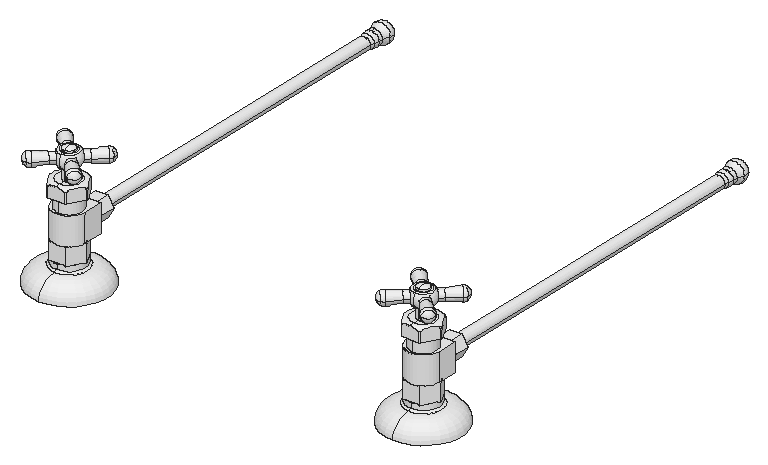
Revit family "Supply_Kit-Faucet-Waterworks-Universal-Angle-Compression", category Plumbing Fixtures, host Face, Revit 2014 (continued)
Automatic sketch dimensions
  Revolve 1 sketch curve to Revolve 1 sketch curve = 1' - 8 3/16"
  Revolve 2 sketch curve to level = 0' - 0"
  Revolve 2 sketch curve to plane 1 "Center (Front/Back)" = 0' - 0"  (x2)
  Revolve 2 sketch curve to Revolve 2 sketch curve = 0' - 0 5/8"
  Revolve 2 sketch curve to Revolve 2 sketch curve = 2' - 0"
  Revolve 2 sketch curve to Revolve 2 sketch curve = 1' - 8 3/16"
  plane 1 "Center (Front/Back)" to Extrusion 3 sketch curve = 0' - 0"  (x2)
  Extrusion 3 sketch curve to plane 4 "Left" = 0' - 0.54127"
  Extrusion 3 sketch curve to plane 4 "Left" = 0' - 0.27063"
  plane 4 "Left" to Extrusion 3 sketch curve = 0' - 0.27063"
  plane 1 "Center (Front/Back)" to Extrusion 4 sketch curve = 0' - 0"  (x2)
  Extrusion 4 sketch curve to plane 4 "Left" = 0' - 0 1/2"
  Revolve 5 sketch curve to plane 1 "Center (Front/Back)" = 0' - 0"  (x2)
  Revolve 5 sketch curve to Revolve 5 sketch curve = 0' - 0 5/16"
  Revolve 5 sketch curve to level = 2' - 0"
  Revolve 5 sketch curve to plane 8 = 1' - 8.49314"
  plane 1 "Center (Front/Back)" to Extrusion 6 sketch curve = 0' - 0"  (x2)
  Extrusion 6 sketch curve to plane 4 "Left" = 0' - 1.07735"
  Extrusion 6 sketch curve to plane 4 "Left" = 0' - 0.57735"
  Extrusion 6 sketch curve to plane 4 "Left" = 0' - 0.28868"  (x2)
  plane 4 "Left" to Extrusion 6 sketch curve = 0' - 0.28868"
  plane 1 "Center (Front/Back)" to Extrusion 6 sketch curve = 0' - 0 1/2"
  Extrusion 6 sketch curve to Extrusion 6 sketch curve = 0' - 0 1/2"
  plane 1 "Center (Front/Back)" to Extrusion 7 sketch curve = 0' - 0"  (x2)
  Extrusion 7 sketch curve to plane 5 "Right" = 0' - 0.54127"
  Extrusion 7 sketch curve to plane 5 "Right" = 0' - 0.27063"  (x2)
  plane 5 "Right" to Extrusion 7 sketch curve = 0' - 0.27063"
  plane 1 "Center (Front/Back)" to Extrusion 7 sketch curve = 0' - 0 15/32"
  plane 1 "Center (Front/Back)" to Extrusion 8 sketch curve = 0' - 0"  (x2)
  Revolve 9 sketch curve to plane 1 "Center (Front/Back)" = 0' - 0"  (x2)
  Revolve 9 sketch curve to level = 2' - 0"
  Revolve 9 sketch curve to plane 8 = 1' - 8.49314"
  plane 1 "Center (Front/Back)" to Extrusion 10 sketch curve = 0' - 0"  (x2)
  Extrusion 10 sketch curve to plane 5 "Right" = 0' - 1.07735"
  Extrusion 10 sketch curve to plane 5 "Right" = 0' - 0.57735"
  Extrusion 10 sketch curve to plane 5 "Right" = 0' - 0.28868"  (x2)
  plane 5 "Right" to Extrusion 10 sketch curve = 0' - 0.28868"
  plane 1 "Center (Front/Back)" to Extrusion 10 sketch curve = 0' - 0 1/2"
  Extrusion 10 sketch curve to Extrusion 10 sketch curve = 0' - 0 1/2"
  plane 10 "Bottom" to Revolve 11 sketch curve = 0' - 0.93382"
  Revolve 11 sketch curve to Revolve 11 sketch curve = 0' - 0"  (x3)
  Revolve 11 sketch curve to Revolve 11 sketch curve = 0' - 0.06481"
  Revolve 12 sketch curve to plane 1 "Center (Front/Back)" = 0' - 2.12132"
  Revolve 12 sketch curve to Revolve 12 sketch curve = 0' - 0"  (x3)
  Revolve 12 sketch curve to Revolve 12 sketch curve = 0' - 0.09456"
  Revolve 11 sketch curve to plane 1 "Center (Front/Back)" = 0' - 2.12132"
  plane 10 "Bottom" to Revolve 12 sketch curve = 0' - 0.93382"
  Revolve 11 sketch curve to Revolve 11 sketch curve = 0' - 0.19938"  (x2)
  plane 1 "Center (Front/Back)" to Revolve 11 sketch curve = 0' - 0.81759"
  Revolve 12 sketch curve to Revolve 12 sketch curve = 0' - 0.19938"  (x2)
  plane 5 "Right" to Revolve 13 sketch curve = 0' - 0.25063"
  Revolve 13 sketch curve to Revolve 13 sketch curve = 0' - 0.19938"  (x2)
  Revolve 13 sketch curve to plane 1 "Center (Front/Back)" = 0' - 0.25063"
  plane 10 "Bottom" to Revolve 13 sketch curve = 0' - 0.93382"
  Revolve 13 sketch curve to Revolve 13 sketch curve = 0' - 0"  (x2)
  Revolve 13 sketch curve to plane 1 "Center (Front/Back)" = 0' - 2.12132"
  Revolve 14 sketch curve to plane 1 "Center (Front/Back)" = 0' - 0.82125"
  Revolve 14 sketch curve to Revolve 14 sketch curve = 0' - 0.19938"  (x2)
  Revolve 14 sketch curve to plane 1 "Center (Front/Back)" = 0' - 2.12132"
  Revolve 14 sketch curve to Revolve 14 sketch curve = 0' - 0"  (x2)
  plane 10 "Bottom" to Revolve 14 sketch curve = 0' - 0.93382"
  Revolve 13 sketch curve to Revolve 13 sketch curve = 0' - 0.09797"
  plane 10 "Bottom" to Revolve 15 sketch curve = 0' - 10 13/16"
  Revolve 15 sketch curve to Revolve 15 sketch curve = 1' - 0"
  Extrusion 16 sketch curve to plane 7 = 0' - 0"  (x2)
  Extrusion 16 sketch curve to plane 4 "Left" = 0' - 0.36084"
  Extrusion 16 sketch curve to plane 4 "Left" = 0' - 0.18042"  (x2)
  plane 4 "Left" to Extrusion 16 sketch curve = 0' - 0.18042"
  Extrusion 16 sketch curve to plane 7 = 0' - 0 5/16"
  plane 10 "Bottom" to Revolve 17 sketch curve = 0' - 10 13/16"
  Revolve 17 sketch curve to Revolve 17 sketch curve = 1' - 0"
  Extrusion 18 sketch curve to plane 7 = 0' - 0"  (x2)
  Extrusion 18 sketch curve to plane 5 "Right" = 0' - 0.18042"
  plane 5 "Right" to Extrusion 18 sketch curve = 0' - 0.18042"  (x2)
  Extrusion 18 sketch curve to Extrusion 18 sketch curve = 0' - 0.18042"
  Extrusion 18 sketch curve to plane 7 = 0' - 0 5/16"
  Masking region 1 sketch curve to Masking region 1 sketch curve = 0' - 0"
  Masking region 2 sketch curve to Masking region 2 sketch curve = 0' - 0.07267"  (x4)
  Masking region 2 sketch curve to Masking region 2 sketch curve = 0' - 0"
  Masking region 3 sketch curve to Masking region 3 sketch curve = 0' - 0.07992"
  Masking region 3 sketch curve to Masking region 3 sketch curve = 0' - 0.07267"  (x4)
  Masking region 3 sketch curve to Masking region 3 sketch curve = 0' - 0.06543"
  curve 33 to plane 7 = 0' - 0"
  curve 49 to plane 4 "Left" = 0' - 0"
  curve 36 to plane 4 "Left" = 0' - 0"
  curve 35 to plane 7 = 0' - 0"
  curve 4 to plane 7 = 0' - 0"
  curve 20 to plane 5 "Right" = 0' - 0"
  curve 7 to plane 5 "Right" = 0' - 0"
  curve 2 to plane 7 = 0' - 0"
  curve 7 to plane 7 = 0' - 0"
  curve 36 to plane 7 = 0' - 0"
  curve 34 to plane 4 "Left" = 0' - 0.18042"
  curve 32 to plane 4 "Left" = 0' - 0.18042"
  curve 46 to plane 4 "Left" = 0' - 0.25769"
  curve 47 to curve 46 = 0' - 0.04647"
  curve 32 to curve 31 = 0' - 0.18042"
  plane 4 "Left" to curve 30 = 0' - 0.18042"
  plane 4 "Left" to curve 34 = 0' - 0.18042"
  curve 49 to curve 44 = 0' - 0.04647"
  curve 34 to curve 35 = 0' - 0.18042"
  curve 4 to curve 7 = 0' - 0.36084"
  curve 18 to curve 20 = 0' - 0.30417"
  curve 18 to curve 17 = 0' - 0.04647"
  curve 3 to plane 5 "Right" = 0' - 0.18042"
  curve 5 to plane 5 "Right" = 0' - 0.18042"
  plane 5 "Right" to curve 2 = 0' - 0.18042"
  plane 5 "Right" to curve 6 = 0' - 0.18042"
  curve 20 to curve 15 = 0' - 0.04647"
  curve 1 to curve 2 = 0' - 0.18042"
  curve 32 to plane 7 = 0' - 0 5/16"
  curve 2 to plane 7 = 0' - 0 5/16"
  plane 7 to curve 34 = 0' - 0 5/16"
  plane 7 to curve 5 = 0' - 0 5/16"
  plane 8 to curve 46 = 0' - 0.69436"
  curve 47 to curve 46 = 0' - 0"
  plane 8 to curve 18 = 0' - 0.69436"
  curve 17 to curve 18 = 0' - 0"
  curve 15 to curve 20 = 0' - 0"
  curve 44 to curve 49 = 0' - 0"
  curve 49 to curve 51 = 0' - 0.07019"
  curve 53 to plane 9 "Front" = 0' - 0.08689"
  curve 53 to plane 4 "Left" = 0' - 0 3/16"
  curve 54 to curve 53 = 0' - 0"  (x2)
  curve 52 to plane 4 "Left" = 0' - 0 3/16"
  curve 58 to curve 52 = 0' - 0.08284"
  curve 57 to curve 53 = 0' - 0.08284"
  curve 40 to plane 4 "Left" = 0' - 0.27063"
  curve 57 to curve 57 = 0' - 0 1/16"
  curve 58 to curve 58 = 0' - 0 1/16"
  curve 42 to curve 33 = 0' - 0.22583"
  curve 43 to curve 47 = 0' - 0.10208"
  curve 50 to curve 47 = 0' - 0.12885"
  curve 37 to curve 40 = 0' - 0.22937"
  curve 38 to curve 40 = 0' - 0.22937"
  curve 41 to curve 38 = 0' - 0 1/16"
  curve 54 to plane 9 "Front" = 0' - 0.05564"
  plane 4 "Left" to curve 54 = 0' - 0 3/16"
  curve 51 to curve 45 = 0' - 0.07019"
  plane 4 "Left" to curve 52 = 0' - 0 3/16"
  curve 53 to curve 55 = 0' - 0.08284"
  curve 52 to curve 56 = 0' - 0.08284"
  curve 30 to curve 39 = 0' - 0.09021"
  curve 55 to curve 55 = 0' - 0 1/16"
  curve 56 to curve 56 = 0' - 0 1/16"
  curve 34 to curve 42 = 0' - 0.22583"
  curve 44 to curve 43 = 0' - 0.10208"
  curve 44 to curve 48 = 0' - 0.12917"
  curve 39 to curve 37 = 0' - 0.22937"
  curve 39 to curve 38 = 0' - 0.22937"
  curve 38 to curve 41 = 0' - 0 1/16"
  curve 10 to plane 5 "Right" = 0' - 0 9/16"
  curve 21 to curve 21 = 0' - 0.25769"
  curve 10 to curve 8 = 0' - 0 1/16"
  curve 9 to curve 3 = 0' - 0.31958"
  curve 13 to curve 5 = 0' - 0.22583"
  curve 14 to curve 18 = 0' - 0.10208"
  plane 8 to curve 27 = 0' - 0 5/32"
  curve 27 to plane 5 "Right" = 0' - 0.33284"
  curve 26 to plane 9 "Front" = 0' - 0.14939"
  curve 26 to curve 27 = 0' - 0"
  curve 8 to curve 12 = 0' - 0.22937"
  curve 27 to curve 27 = 0' - 0 1/16"
  curve 26 to curve 26 = 0' - 0 1/16"
  curve 20 to curve 22 = 0' - 0.07019"
  curve 27 to curve 23 = 0' - 0.08284"
  curve 26 to curve 28 = 0' - 0.08284"
  curve 29 to curve 28 = 0' - 0"  (x2)
  plane 5 "Right" to curve 23 = 0' - 0 3/16"
  curve 22 to curve 16 = 0' - 0.07019"
  curve 28 to plane 9 "Front" = 0' - 0.08689"
  plane 5 "Right" to curve 28 = 0' - 0 3/16"
  curve 28 to curve 25 = 0' - 0.08284"
  curve 23 to curve 24 = 0' - 0.08284"
  plane 5 "Right" to curve 11 = 0' - 0.27063"
  curve 25 to curve 25 = 0' - 0 1/16"
  curve 24 to curve 24 = 0' - 0 1/16"
  curve 15 to curve 14 = 0' - 0.10208"
  curve 1 to curve 13 = 0' - 0.22583"
  curve 19 to curve 19 = 0' - 0.12917"
  curve 11 to curve 9 = 0' - 0.22937"
  curve 11 to curve 8 = 0' - 0.22937"
  curve 8 to curve 10 = 0' - 0 1/16"
  curve 39 to curve 30 = 0' - 0 1/32"
  curve 9 to curve 3 = 0' - 0 1/32"
  curve 38 to curve 37 = 0' - 0 17/32"
  curve 8 to curve 9 = 0' - 0 17/32"
  curve 10 to curve 8 = 0' - 0 7/32"
  curve 41 to curve 38 = 0' - 0 7/32"
  curve 5 to curve 13 = 0' - 0 3/16"
  curve 33 to curve 42 = 0' - 0 3/16"
  curve 43 to curve 48 = 0' - 0 5/16"
  curve 14 to curve 19 = 0' - 0 5/16"
  curve 45 to curve 51 = 0' - 0 3/32"
  curve 20 to curve 22 = 0' - 0 3/32"
  curve 23 to curve 27 = 0' - 0 1/16"
  plane 8 to curve 52 = 0' - 0 7/32"
  curve 52 to curve 58 = 0' - 0 1/16"
  curve 23 to curve 24 = 0' - 0 1/16"
  curve 52 to curve 56 = 0' - 0 1/16"
  curve 25 to plane 9 "Front" = 0' - 0.14939"
  curve 57 to curve 53 = 0' - 0 1/16"
  curve 55 to curve 53 = 0' - 0 1/16"
  curve 28 to curve 29 = 0' - 0 1/32"
  Masking region 1 sketch curve to Masking region 1 sketch curve = 0' - 0.06956"  (x2)
  Masking region 1 sketch curve to Masking region 1 sketch curve = 0' - 0 5/8"  (x2)
  Masking region 4 sketch curve to Masking region 4 sketch curve = 0' - 0 7/16"
  Masking region 4 sketch curve to Masking region 4 sketch curve = 0' - 0 5/8"
  radius of curve 7 = 0' - 0.23917"
  radius of curve 36 = 0' - 0.23917"
Connectors (in)
  piping at (5.5, 0, 0), diameter 0.5, driven by "Cold Water Inlet Connection", driven by "Inlet Connection Diameter"
    settings: on cut or joined group of Revolve 2, Extrusion 7, Extrusion 8, Revolve 9, Extrusion 10, Revolve 17, Extrusion 18, index 1, connector inside diameter 24", connector length 0' - 0", flow factor 0, pipe flow 0 GPM, pressure drop 0.00 psi, fitting loss kfactor 0, connector angle 0.00°, fixture units 0, engagement length 0' - 0", angle of deflection 0.00°, flow configuration 0, flow direction 1, fitting loss method 0, system type 20, joint type 0, gender type 0, connector reference index 3, connector utility 0, adjustable connector no, is connector primary yes, connector description "Inlet - Compression"
  piping at (-5.5, 0, 0), diameter 0.5, driven by "Hot Water Inlet Connection", driven by "Inlet Connection Diameter"
    settings: on cut or joined group of Revolve 1, Extrusion 3, Extrusion 4, Revolve 5, Extrusion 6, Extrusion 10, Revolve 15, Extrusion 16, index 2, connector inside diameter 24", connector length 0' - 0", flow factor 0, pipe flow 0 GPM, pressure drop 0.00 psi, fitting loss kfactor 0, connector angle 0.00°, fixture units 0, engagement length 0' - 0", angle of deflection 0.00°, flow configuration 0, flow direction 1, fitting loss method 0, system type 19, joint type 0, gender type 0, connector reference index 4, connector utility 0, adjustable connector no, is connector primary no, connector description "Inlet - Compression"
  piping at (5.5, 12.3125, 1.625), diameter 0.375, driven by "Cold Water Outlet Connection", driven by "Outlet Connection Diameter"
    settings: on cut or joined group of Revolve 2, Extrusion 7, Extrusion 8, Revolve 9, Extrusion 10, Revolve 17, Extrusion 18, index 3, connector inside diameter 24", connector length 0' - 0", flow factor 0, pipe flow 0 GPM, pressure drop 0.00 psi, fitting loss kfactor 0, connector angle 0.00°, fixture units 0, engagement length 0' - 0", angle of deflection 0.00°, flow configuration 0, flow direction 2, fitting loss method 0, system type 20, joint type 0, gender type 0, connector reference index 1, connector utility 0, adjustable connector no, is connector primary no, connector description "Outlet- Compression"
  piping at (-5.5, 12.3125, 1.625), diameter 0.375, driven by "Hot Water Outlet Connection", driven by "Outlet Connection Diameter"
    settings: on cut or joined group of Revolve 1, Extrusion 3, Extrusion 4, Revolve 5, Extrusion 6, Extrusion 10, Revolve 15, Extrusion 16, index 4, connector inside diameter 24", connector length 0' - 0", flow factor 0, pipe flow 0 GPM, pressure drop 0.00 psi, fitting loss kfactor 0, connector angle 0.00°, fixture units 0, engagement length 0' - 0", angle of deflection 0.00°, flow configuration 0, flow direction 2, fitting loss method 0, system type 19, joint type 0, gender type 0, connector reference index 2, connector utility 0, adjustable connector no, is connector primary no, connector description "Outlet - Compression"
Types in the file's own list only (16): name | Model SKU | Finish | Description | Constraint
  Antique Brass Complies with 0.25% WALC | "26-09876-57740" | Metal - Waterworks - Antique Brass | "Universal Angle Faucet Supply Kits 1/2” Compression x 3/8” O.D. Compression in Antique Brass Complies with 0.25% WALC" | 1
  Antique Copper Complies with 0.25% WALC | "26-73946-90196" | Metal - Waterworks - Antique Copper | "Universal Angle Faucet Supply Kits 1/2” Compression x 3/8” O.D. Compression in Antique Copper Complies with 0.25% WALC" | 2
  Architectural Bronze | "26-74676-98700" | Metal - Waterworks - Architectural Bronze | "Universal Angle Faucet Supply Kits 1/2” Compression x 3/8” O.D. Compression in Architectural Bronze" | 3
  Architectural Bronze Complies with 0.25% WALC | "26-70415-45280" | Metal - Waterworks - Architectural Bronze | "Universal Angle Faucet Supply Kits 1/2” Compression x 3/8” O.D. Compression in Architectural Bronze Complies with 0.25% WALC" | 4
  Burnished Brass Complies with 0.25% WALC | "26-48004-36693" | Metal - Waterworks - Burnished Brass | "Universal Angle Faucet Supply Kits 1/2” Compression x 3/8” O.D. Compression in Burnished Brass Complies with 0.25% WALC" | 6
  Burnished Nickel Complies with 0.25% WALC | "26-58991-27656" | Metal - Waterworks - Burnished Nickel | "Universal Angle Faucet Supply Kits 1/2” Compression x 3/8” O.D. Compression in Burnished Nickel Complies with 0.25% WALC" | 7
  Carbon Complies with 0.25% WALC | "26-06550-99717" | Metal - Waterworks - Carbon | "Universal Angle Faucet Supply Kits 1/2” Compression x 3/8” O.D. Compression in Carbon Complies with 0.25% WALC" | 8
  Chrome Complies with 0.25% WALC | "26-24536-85990" | Metal - Waterworks - Chrome | "Universal Angle Faucet Supply Kits 1/2” Compression x 3/8” O.D. Compression in Chrome Complies with 0.25% WALC" | 9
  Gold Complies with 0.25% WALC | "26-64518-46027" | Metal - Waterworks - Gold | "Universal Angle Faucet Supply Kits 1/2” Compression x 3/8” O.D. Compression in Gold Complies with 0.25% WALC" | 10
  Graphite | "26-14061-97142" | Metal - Waterworks - Graphite | "Universal Angle Faucet Supply Kits 1/2” Compression x 3/8” O.D. Compression in Graphite" | 11
  Matte Gold Complies with 0.25% WALC | "26-98562-70605" | Metal - Waterworks - Matte Gold | "Universal Angle Faucet Supply Kits 1/2” Compression x 3/8” O.D. Compression in Matte Gold Complies with 0.25% WALC" | 12
  Matte Nickel Complies with 0.25% WALC | "26-03683-66015" | Metal - Waterworks - Matte Nickel | "Universal Angle Faucet Supply Kits 1/2” Compression x 3/8” O.D. Compression in Matte Nickel Complies with 0.25% WALC" | 13
  Nickel Complies with 0.25% WALC | "26-23826-86137" | Metal - Waterworks - Nickel | "Universal Angle Faucet Supply Kits 1/2” Compression x 3/8” O.D. Compression in Nickel Complies with 0.25% WALC" | 14
  Pewter Complies with 0.25% WALC | "26-77848-04901" | Metal - Waterworks - Pewter | "Universal Angle Faucet Supply Kits 1/2” Compression x 3/8” O.D. Compression in Pewter Complies with 0.25% WALC" | 15
  Shiny Copper Complies with 0.25% WALC | "26-88317-94954" | Metal - Waterworks - Shiny Copper | "Universal Angle Faucet Supply Kits 1/2” Compression x 3/8” O.D. Compression in Shiny Copper Complies with 0.25% WALC" | 16
  Sovereign Complies with 0.25% WALC | "26-15093-03789" | Metal - Waterworks - Sovereign | "Universal Angle Faucet Supply Kits 1/2” Compression x 3/8” O.D. Compression in Sovereign Complies with 0.25% WALC" | 17
